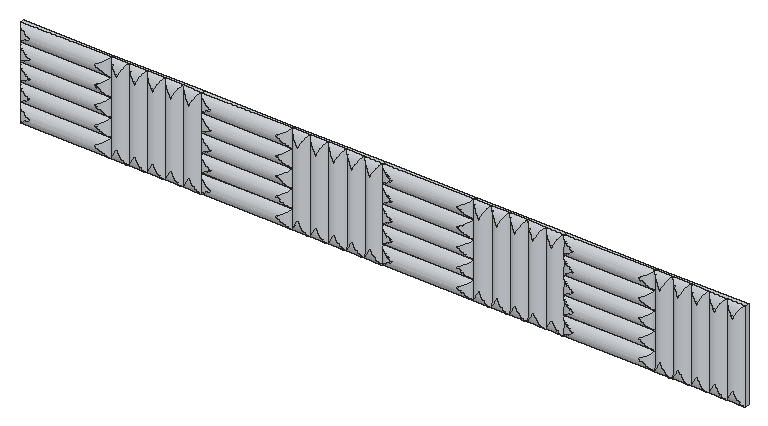
Revit family "OracDecor_W218", category Обобщенные модели, Revit 2019
Family settings
  Может служить основой для арматурных стержней = Нет
  Размер круглого соединителя = Использовать диаметр
  Тип детали = Нормальный
  На основе рабочей плоскости = Нет
  Всегда вертикально = Да
  При загрузке вырезать с полостями = Нет
  Общий = Нет
  Точка расчета площади = Нет
Parameters
  Изготовитель = "Family from POCHERTEAM"  # constant formula
  URL = "t.me/pocherteam"
Reference planes
  plane 1 "По центру (Вперед/Назад)": y = 0
  plane 2: z = 0
  plane 3 "По центру (Влево/Вправо)": x = 0
Forms (mm)
  Extrusion 1, void
    sketch origin (0, 0, 0) x (0, 1, 0) y (0, 0, 1)
      loop
        spline (-8, 0) -> (-9.958, 0.299) -> (-11.883, 1.193) -> (-13.741, 2.664) -> (-15.5, 4.689) -> (-17.132, 7.233) -> (-18.607, 10.251) -> (-19.901, 13.693) -> (-20.991, 17.5) -> (-21.858, 21.606) -> (-22.489, 25.941) -> (-22.872, 30.432) -> (-23, 35)
        line (-23, 35) -> (-23, 0) -> (-8, 0)
      loop
        line (-8, 250) -> (-23, 250) -> (-23, 215)
        spline (-23, 215) -> (-22.872, 219.568) -> (-22.489, 224.059) -> (-21.858, 228.394) -> (-20.991, 232.5) -> (-19.901, 236.307) -> (-18.607, 239.749) -> (-17.132, 242.767) -> (-15.5, 245.311) -> (-13.741, 247.336) -> (-11.883, 248.807) -> (-9.958, 249.701) -> (-8, 250)
    from 250 to 500
  Extrusion 2, solid
    sketch origin (250, 0, 0) x (0, 0, 1) y (0, 1, 0)
      loop
        line (0, 0) -> (0, -8)
        arc (0, -8) -> (25, -23) -> (50, -8) r 28.334
        arc (50, -8) -> (75, -23) -> (100, -8) r 28.334
        arc (100, -8) -> (125, -23) -> (150, -8) r 28.334
        arc (150, -8) -> (175, -23) -> (200, -8) r 28.334
        arc (200, -8) -> (225, -23) -> (250, -8) r 28.334
        line (250, -8) -> (250, 0) -> (0, 0)
    from 0 to 250
  Extrusion 3, void
    sketch origin (250, 0, -271.069) x (0, 1, 0) y (-1, 0, 0)
      loop
        spline (-8, 0) -> (-9.958, 0.299) -> (-11.883, 1.193) -> (-13.741, 2.664) -> (-15.5, 4.689) -> (-17.132, 7.233) -> (-18.607, 10.251) -> (-19.901, 13.693) -> (-20.991, 17.5) -> (-21.858, 21.606) -> (-22.489, 25.941) -> (-22.872, 30.432) -> (-23, 35)
        line (-23, 35) -> (-23, 0) -> (-8, 0)
      loop
        line (-8, 250) -> (-23, 250) -> (-23, 215)
        spline (-23, 215) -> (-22.872, 219.568) -> (-22.489, 224.059) -> (-21.858, 228.394) -> (-20.991, 232.5) -> (-19.901, 236.307) -> (-18.607, 239.749) -> (-17.132, 242.767) -> (-15.5, 245.311) -> (-13.741, 247.336) -> (-11.883, 248.807) -> (-9.958, 249.701) -> (-8, 250)
    from 271.069 to 521.069
  Extrusion 4, solid
    sketch origin (250, 0, 0) x (1, 0, 0) y (0, 1, 0)
      loop
        line (0, 0) -> (0, -8)
        arc (0, -8) -> (25, -23) -> (50, -8) r 28.334
        arc (50, -8) -> (75, -23) -> (100, -8) r 28.334
        arc (100, -8) -> (125, -23) -> (150, -8) r 28.334
        arc (150, -8) -> (175, -23) -> (200, -8) r 28.334
        arc (200, -8) -> (225, -23) -> (250, -8) r 28.334
        line (250, -8) -> (250, 0) -> (0, 0)
    from 0 to 250
  Extrusion 5, solid
    sketch origin (750, 0, 0) x (0, 0, 1) y (0, 1, 0)
      loop
        line (0, 0) -> (0, -8)
        arc (0, -8) -> (25, -23) -> (50, -8) r 28.334
        arc (50, -8) -> (75, -23) -> (100, -8) r 28.334
        arc (100, -8) -> (125, -23) -> (150, -8) r 28.334
        arc (150, -8) -> (175, -23) -> (200, -8) r 28.334
        arc (200, -8) -> (225, -23) -> (250, -8) r 28.334
        line (250, -8) -> (250, 0) -> (0, 0)
    from 0 to 250
  Extrusion 6, solid
    sketch origin (750, 0, 0) x (1, 0, 0) y (0, 1, 0)
      loop
        line (0, 0) -> (0, -8)
        arc (0, -8) -> (25, -23) -> (50, -8) r 28.334
        arc (50, -8) -> (75, -23) -> (100, -8) r 28.334
        arc (100, -8) -> (125, -23) -> (150, -8) r 28.334
        arc (150, -8) -> (175, -23) -> (200, -8) r 28.334
        arc (200, -8) -> (225, -23) -> (250, -8) r 28.334
        line (250, -8) -> (250, 0) -> (0, 0)
    from 0 to 250
  Extrusion 7, void
    sketch origin (0, 0, 0) x (0, 1, 0) y (0, 0, 1)
      loop
        spline (-8, 0) -> (-9.958, 0.299) -> (-11.883, 1.193) -> (-13.741, 2.664) -> (-15.5, 4.689) -> (-17.132, 7.233) -> (-18.607, 10.251) -> (-19.901, 13.693) -> (-20.991, 17.5) -> (-21.858, 21.606) -> (-22.489, 25.941) -> (-22.872, 30.432) -> (-23, 35)
        line (-23, 35) -> (-23, 0) -> (-8, 0)
      loop
        line (-8, 250) -> (-23, 250) -> (-23, 215)
        spline (-23, 215) -> (-22.872, 219.568) -> (-22.489, 224.059) -> (-21.858, 228.394) -> (-20.991, 232.5) -> (-19.901, 236.307) -> (-18.607, 239.749) -> (-17.132, 242.767) -> (-15.5, 245.311) -> (-13.741, 247.336) -> (-11.883, 248.807) -> (-9.958, 249.701) -> (-8, 250)
    from 750 to 1000
  Extrusion 8, void
    sketch origin (750, 0, -271.069) x (0, 1, 0) y (-1, 0, 0)
      loop
        spline (-8, 0) -> (-9.958, 0.299) -> (-11.883, 1.193) -> (-13.741, 2.664) -> (-15.5, 4.689) -> (-17.132, 7.233) -> (-18.607, 10.251) -> (-19.901, 13.693) -> (-20.991, 17.5) -> (-21.858, 21.606) -> (-22.489, 25.941) -> (-22.872, 30.432) -> (-23, 35)
        line (-23, 35) -> (-23, 0) -> (-8, 0)
      loop
        line (-8, 250) -> (-23, 250) -> (-23, 215)
        spline (-23, 215) -> (-22.872, 219.568) -> (-22.489, 224.059) -> (-21.858, 228.394) -> (-20.991, 232.5) -> (-19.901, 236.307) -> (-18.607, 239.749) -> (-17.132, 242.767) -> (-15.5, 245.311) -> (-13.741, 247.336) -> (-11.883, 248.807) -> (-9.958, 249.701) -> (-8, 250)
    from 271.069 to 521.069
  Extrusion 9, solid
    sketch origin (1250, 0, 0) x (0, 0, 1) y (0, 1, 0)
      loop
        line (0, 0) -> (0, -8)
        arc (0, -8) -> (25, -23) -> (50, -8) r 28.334
        arc (50, -8) -> (75, -23) -> (100, -8) r 28.334
        arc (100, -8) -> (125, -23) -> (150, -8) r 28.334
        arc (150, -8) -> (175, -23) -> (200, -8) r 28.334
        arc (200, -8) -> (225, -23) -> (250, -8) r 28.334
        line (250, -8) -> (250, 0) -> (0, 0)
    from 0 to 250
  Extrusion 10, solid
    sketch origin (1250, 0, 0) x (1, 0, 0) y (0, 1, 0)
      loop
        line (0, 0) -> (0, -8)
        arc (0, -8) -> (25, -23) -> (50, -8) r 28.334
        arc (50, -8) -> (75, -23) -> (100, -8) r 28.334
        arc (100, -8) -> (125, -23) -> (150, -8) r 28.334
        arc (150, -8) -> (175, -23) -> (200, -8) r 28.334
        arc (200, -8) -> (225, -23) -> (250, -8) r 28.334
        line (250, -8) -> (250, 0) -> (0, 0)
    from 0 to 250
  Extrusion 11, solid
    sketch origin (1750, 0, 0) x (0, 0, 1) y (0, 1, 0)
      loop
        line (0, 0) -> (0, -8)
        arc (0, -8) -> (25, -23) -> (50, -8) r 28.334
        arc (50, -8) -> (75, -23) -> (100, -8) r 28.334
        arc (100, -8) -> (125, -23) -> (150, -8) r 28.334
        arc (150, -8) -> (175, -23) -> (200, -8) r 28.334
        arc (200, -8) -> (225, -23) -> (250, -8) r 28.334
        line (250, -8) -> (250, 0) -> (0, 0)
    from 0 to 250
  Extrusion 12, solid
    sketch origin (1750, 0, 0) x (1, 0, 0) y (0, 1, 0)
      loop
        line (0, 0) -> (0, -8)
        arc (0, -8) -> (25, -23) -> (50, -8) r 28.334
        arc (50, -8) -> (75, -23) -> (100, -8) r 28.334
        arc (100, -8) -> (125, -23) -> (150, -8) r 28.334
        arc (150, -8) -> (175, -23) -> (200, -8) r 28.334
        arc (200, -8) -> (225, -23) -> (250, -8) r 28.334
        line (250, -8) -> (250, 0) -> (0, 0)
    from 0 to 250
  Extrusion 13, void
    sketch origin (0, 0, 0) x (0, 1, 0) y (0, 0, 1)
      loop
        spline (-8, 0) -> (-9.958, 0.299) -> (-11.883, 1.193) -> (-13.741, 2.664) -> (-15.5, 4.689) -> (-17.132, 7.233) -> (-18.607, 10.251) -> (-19.901, 13.693) -> (-20.991, 17.5) -> (-21.858, 21.606) -> (-22.489, 25.941) -> (-22.872, 30.432) -> (-23, 35)
        line (-23, 35) -> (-23, 0) -> (-8, 0)
      loop
        line (-8, 250) -> (-23, 250) -> (-23, 215)
        spline (-23, 215) -> (-22.872, 219.568) -> (-22.489, 224.059) -> (-21.858, 228.394) -> (-20.991, 232.5) -> (-19.901, 236.307) -> (-18.607, 239.749) -> (-17.132, 242.767) -> (-15.5, 245.311) -> (-13.741, 247.336) -> (-11.883, 248.807) -> (-9.958, 249.701) -> (-8, 250)
    from 1250 to 1500
  Extrusion 14, void
    sketch origin (0, 0, 0) x (0, 1, 0) y (0, 0, 1)
      loop
        spline (-8, 0) -> (-9.958, 0.299) -> (-11.883, 1.193) -> (-13.741, 2.664) -> (-15.5, 4.689) -> (-17.132, 7.233) -> (-18.607, 10.251) -> (-19.901, 13.693) -> (-20.991, 17.5) -> (-21.858, 21.606) -> (-22.489, 25.941) -> (-22.872, 30.432) -> (-23, 35)
        line (-23, 35) -> (-23, 0) -> (-8, 0)
      loop
        line (-8, 250) -> (-23, 250) -> (-23, 215)
        spline (-23, 215) -> (-22.872, 219.568) -> (-22.489, 224.059) -> (-21.858, 228.394) -> (-20.991, 232.5) -> (-19.901, 236.307) -> (-18.607, 239.749) -> (-17.132, 242.767) -> (-15.5, 245.311) -> (-13.741, 247.336) -> (-11.883, 248.807) -> (-9.958, 249.701) -> (-8, 250)
    from 1750 to 2000
  Extrusion 15, void
    sketch origin (1250, 0, -271.069) x (0, 1, 0) y (-1, 0, 0)
      loop
        spline (-8, 0) -> (-9.958, 0.299) -> (-11.883, 1.193) -> (-13.741, 2.664) -> (-15.5, 4.689) -> (-17.132, 7.233) -> (-18.607, 10.251) -> (-19.901, 13.693) -> (-20.991, 17.5) -> (-21.858, 21.606) -> (-22.489, 25.941) -> (-22.872, 30.432) -> (-23, 35)
        line (-23, 35) -> (-23, 0) -> (-8, 0)
      loop
        line (-8, 250) -> (-23, 250) -> (-23, 215)
        spline (-23, 215) -> (-22.872, 219.568) -> (-22.489, 224.059) -> (-21.858, 228.394) -> (-20.991, 232.5) -> (-19.901, 236.307) -> (-18.607, 239.749) -> (-17.132, 242.767) -> (-15.5, 245.311) -> (-13.741, 247.336) -> (-11.883, 248.807) -> (-9.958, 249.701) -> (-8, 250)
    from 271.069 to 521.069
  Extrusion 16, void
    sketch origin (1750, 0, -271.069) x (0, 1, 0) y (-1, 0, 0)
      loop
        spline (-8, 0) -> (-9.958, 0.299) -> (-11.883, 1.193) -> (-13.741, 2.664) -> (-15.5, 4.689) -> (-17.132, 7.233) -> (-18.607, 10.251) -> (-19.901, 13.693) -> (-20.991, 17.5) -> (-21.858, 21.606) -> (-22.489, 25.941) -> (-22.872, 30.432) -> (-23, 35)
        line (-23, 35) -> (-23, 0) -> (-8, 0)
      loop
        line (-8, 250) -> (-23, 250) -> (-23, 215)
        spline (-23, 215) -> (-22.872, 219.568) -> (-22.489, 224.059) -> (-21.858, 228.394) -> (-20.991, 232.5) -> (-19.901, 236.307) -> (-18.607, 239.749) -> (-17.132, 242.767) -> (-15.5, 245.311) -> (-13.741, 247.336) -> (-11.883, 248.807) -> (-9.958, 249.701) -> (-8, 250)
    from 271.069 to 521.069
Cuts and joins
  Extrusion 3 cuts Extrusion 2
  Extrusion 1 cuts Extrusion 4
  Extrusion 7 cuts Extrusion 6
  Extrusion 8 cuts Extrusion 5
  Extrusion 13 cuts Extrusion 10
  Extrusion 14, Extrusion 15 cuts Extrusion 9
  Extrusion 14 cuts Extrusion 12
  Extrusion 16 cuts Extrusion 11
Dimensions and locks
  cut or joined group of Extrusion 2, Extrusion 3 to level = 250 mm
  cut or joined group of Extrusion 1, Extrusion 4 to plane 3 "По центру (Влево/Вправо)" = 250 mm
  plane 1 "По центру (Вперед/Назад)" to cut or joined group of Extrusion 2, Extrusion 3 = 23 mm
  cut or joined group of Extrusion 12, Extrusion 14 to plane 3 "По центру (Влево/Вправо)" = 2000 mm
  aligned and locked: level to plane 2
